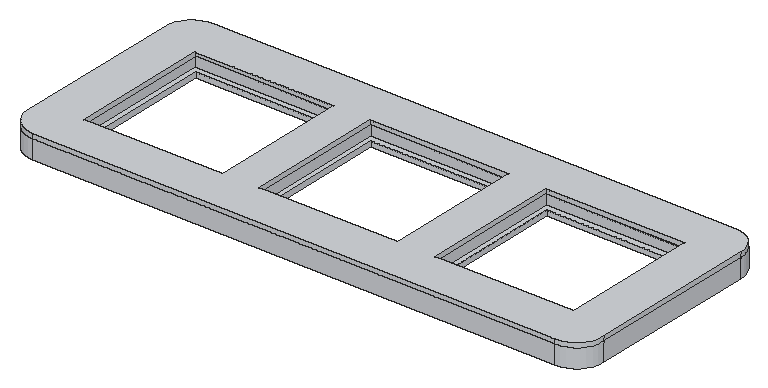
Revit family "Gira_0213410", category Electrical Fixtures, host Face, Revit 2017
Family settings
  Host = Face
  Maintain Annotation Orientation = No
  Round Connector Dimension = Use Diameter
  Part Type = Normal
  Cut with Voids When Loaded = No
  Shared = No
  Room Calculation Point = No
Parameters (values of type "Abdeckrahmen 3f Gira E3 Reinweiß/Reinweiß")
  Werkstoffgüte = "sonstige"
  Werkstoff = "sonstige"
  URL = "http://katalog.gira.de/de_DE/datenblatt.html?artikelnr=0213410"
  Transparent = "No"
  Textfeld/Beschriftungsfläche = "No"
  Schutzart (IP) = "IP20"
  Region = "DE"
  Oberfläche = "sonstige"
  Name = "Abdeckrahmen 3f Gira E3 Reinweiß/Reinweiß"
  Montagerichtung = "horizontal und vertikal"
  Mit Montagerahmen = "No"
  Mit Klappdeckel = "No"
  Manufacturer URL = "https://www.gira.de/"
  Keynote = "E3_Rahmen_3fach"
  HeinzeBIM = "https://bimportal.heinze.de/bim/abdeckrahmen-3f-gira-e3-reinweiss-reinweiss/2bd40665bf9e390255d6de3f3ba456e597a8e97d"
  Halogenfrei = "Yes"
  HAN = "0213410"
  Geeignet für Unterputz-Installation = "Yes"
  Geeignet für Unterflurkanaldose = "No"
  Geeignet für Geräteeinbaukanal = "No"
  Geeignet für Einbauinstallation = "No"
  GTIN = "4010337023739"
  Farbe = "weiß"
  Default Elevation = 1219.2 mm
  Data sheet (1) = "https://katalog.gira.de/de_DE/download.html?artikelnr=0213410"
  Category = "Abdeckrahmen"
  Befestigungsart = "Klemmbefestigung"
  Available = "Yes"
  Anzahl der Einheiten vertikal = "3 "
  Anzahl der Einheiten horizontal = "3 "
  Anzahl der Einheiten = "3 "
Reference planes
  plane 1 "Center (Front/Back)": y = 0
  plane 2: z = 0
  plane 3 "Center (Left/Right)": x = 0
Forms (mm)
  Extrusion 1, solid, detail levels fine
    sketch origin (0, 0, 0) x (1, 0, 0) y (0, 1, 0)
      loop
        arc (-106.1, 45.809) -> (-113.884, 42.585) -> (-117.109, 34.8) r 11.009
        line (-117.109, 34.8) -> (-117.109, -34.8)
        arc (-117.109, -34.8) -> (-113.884, -42.585) -> (-106.1, -45.809) r 11.009
        line (-106.1, -45.809) -> (106.1, -45.809)
        arc (106.1, -45.809) -> (113.884, -42.585) -> (117.109, -34.8) r 11.009
        line (117.109, -34.8) -> (117.109, 34.8)
        arc (117.109, 34.8) -> (113.884, 42.585) -> (106.1, 45.809) r 11.009
        line (106.1, 45.809) -> (-106.1, 45.809)
      loop
        line (-43.2, 28.187) -> (-99.456, 28.187) -> (-99.456, -28.187) -> (-43.2, -28.187) -> (-43.2, 28.187)
      loop
        line (-28.3, 28.187) -> (-28.3, -28.187) -> (27.956, -28.187) -> (27.956, 28.187) -> (-28.3, 28.187)
      loop
        line (43.2, 28.187) -> (43.2, -28.187) -> (99.456, -28.187) -> (99.456, 28.187) -> (43.2, 28.187)
    from 7.65 to 9.5
  Extrusion 2, solid, detail levels fine
    sketch origin (-71.5, 0, 0) x (1, 0, 0) y (0, 1, 0)
      loop
        line (26.1, 25.7) -> (-25.7, 25.7) -> (-25.7, -25.7) -> (26.1, -25.7) -> (26.1, 25.7)
      loop
        line (-28.187, -28.156) -> (28.187, -28.156) -> (28.187, 28.156) -> (-28.187, 28.156) -> (-28.187, -28.156)
    from 1.65 to 3.9
  Extrusion 3, solid, detail levels fine
    sketch origin (0, 0, 0) x (1, 0, 0) y (0, 1, 0)
      loop
        arc (-106.1, 45.809) -> (-113.884, 42.585) -> (-117.109, 34.8) r 11.009
        line (-117.109, 34.8) -> (-117.109, -34.8)
        arc (-117.109, -34.8) -> (-113.884, -42.585) -> (-106.1, -45.809) r 11.009
        line (-106.1, -45.809) -> (106.1, -45.809)
        arc (106.1, -45.809) -> (113.884, -42.585) -> (117.109, -34.8) r 11.009
        line (117.109, -34.8) -> (117.109, 34.8)
        arc (117.109, 34.8) -> (113.884, 42.585) -> (106.1, 45.809) r 11.009
        line (106.1, 45.809) -> (-106.1, 45.809)
      loop
        line (-115.143, 34.785) -> (-115.143, -34.785)
        arc (-115.143, -34.785) -> (-112.49, -41.19) -> (-106.084, -43.843) r 9.058
        line (-106.084, -43.843) -> (106.084, -43.843)
        arc (106.084, -43.843) -> (112.49, -41.19) -> (115.143, -34.785) r 9.058
        line (115.143, -34.785) -> (115.143, 34.785)
        arc (115.143, 34.785) -> (112.49, 41.19) -> (106.084, 43.843) r 9.058
        line (106.084, 43.843) -> (-106.084, 43.843)
        arc (-106.084, 43.843) -> (-112.49, 41.19) -> (-115.143, 34.785) r 9.058
    from 0 to 7.65
  Extrusion 4, solid, detail levels fine
    sketch origin (-35.75, 0, 0) x (1, 0, 0) y (0, 1, 0)
      loop
        line (-62.956, -31.075) -> (62.956, -31.075)
        arc (62.956, -31.075) -> (65.599, -29.98) -> (66.694, -27.337) r 3.739
        line (66.694, -27.337) -> (66.694, 27.337)
        arc (66.694, 27.337) -> (65.599, 29.98) -> (62.956, 31.075) r 3.739
        line (62.956, 31.075) -> (-62.956, 31.075)
        arc (-62.956, 31.075) -> (-65.599, 29.98) -> (-66.694, 27.337) r 3.739
        line (-66.694, 27.337) -> (-66.694, -27.337)
        arc (-66.694, -27.337) -> (-65.599, -29.98) -> (-62.956, -31.075) r 3.739
      loop
        line (-65.544, 27.537) -> (-65.544, -27.537)
        arc (-65.544, -27.537) -> (-64.845, -29.226) -> (-63.156, -29.925) r 2.389
        line (-63.156, -29.925) -> (63.156, -29.925)
        arc (63.156, -29.925) -> (64.845, -29.226) -> (65.544, -27.537) r 2.389
        line (65.544, -27.537) -> (65.544, 27.537)
        arc (65.544, 27.537) -> (64.845, 29.226) -> (63.156, 29.925) r 2.389
        line (63.156, 29.925) -> (-63.156, 29.925)
        arc (-63.156, 29.925) -> (-64.845, 29.226) -> (-65.544, 27.537) r 2.389
    from 1.65 to 7.65
  Extrusion 5, solid, detail levels fine
    sketch origin (0, 0, 0) x (1, 0, 0) y (0, 1, 0)
      loop
        line (-103.367, -39.8) -> (103.368, -39.8)
        arc (103.368, -39.8) -> (108.982, -36.708) -> (111.215, -30.7) r 9.2
        line (111.215, -30.7) -> (111.215, 30.7)
        arc (111.215, 30.7) -> (108.52, 37.205) -> (102.015, 39.9) r 9.2
        line (102.015, 39.9) -> (-102.014, 39.9)
        arc (-102.014, 39.9) -> (-108.52, 37.205) -> (-111.214, 30.7) r 9.2
        line (-111.214, 30.7) -> (-111.214, -30.7)
        arc (-111.214, -30.7) -> (-108.982, -36.708) -> (-103.367, -39.8) r 9.2
      loop
        line (-102.014, -31.7) -> (102.015, -31.7)
        arc (102.015, -31.7) -> (102.722, -31.407) -> (103.015, -30.7) r 1
        line (103.015, -30.7) -> (103.015, 30.7)
        arc (103.015, 30.7) -> (102.722, 31.407) -> (102.015, 31.7) r 1
        line (102.015, 31.7) -> (-102.014, 31.7)
        arc (-102.014, 31.7) -> (-102.721, 31.407) -> (-103.014, 30.7) r 1
        line (-103.014, 30.7) -> (-103.014, -30.7)
        arc (-103.014, -30.7) -> (-102.721, -31.407) -> (-102.014, -31.7) r 1
    from 1.65 to 3.9
  Extrusion 6, solid, detail levels fine
    sketch origin (-71.5, 0, 0) x (1, 0, 0) y (0, 1, 0)
      loop
        line (-28.187, 28.156) -> (-28.187, -28.156) -> (28.187, -28.156) -> (28.187, 28.156) -> (-28.187, 28.156)
      loop
        line (-29.925, 29.925) -> (-29.925, -29.925) -> (29.925, -29.925) -> (29.925, 29.925) -> (-29.925, 29.925)
    from 1.65 to 7.65
  Extrusion 7, solid, detail levels coarse+medium
    sketch origin (0, 0, 0) x (1, 0, 0) y (0, 1, 0)
      loop
        line (-117.109, 45.809) -> (-117.109, -45.809) -> (117.109, -45.809) -> (117.109, 45.809) -> (-117.109, 45.809)
    from 0 to 9.5
  Extrusion 8, solid, detail levels fine
    sketch origin (0, 0, 0) x (-1, 0, 0) y (0, -1, 0)
      loop
        line (25.9, -25.7) -> (25.9, 25.7) -> (-25.9, 25.7) -> (-25.9, -25.7) -> (25.9, -25.7)
      loop
        line (-28.187, 28.156) -> (-28.187, -28.156) -> (28.187, -28.156) -> (28.187, 28.156) -> (-28.187, 28.156)
    from 1.65 to 3.9
  Extrusion 9, solid, detail levels fine
    sketch origin (0, 0, 0) x (-1, 0, 0) y (0, -1, 0)
      loop
        line (-28.187, -28.156) -> (28.187, -28.156) -> (28.187, 28.156) -> (-28.187, 28.156) -> (-28.187, -28.156)
      loop
        line (-29.925, -29.925) -> (29.925, -29.925) -> (29.925, 29.925) -> (-29.925, 29.925) -> (-29.925, -29.925)
    from 1.65 to 7.65
  Extrusion 10, solid, detail levels fine
    sketch origin (71.5, 0, 0) x (-1, 0, 0) y (0, -1, 0)
      loop
        line (26.1, -25.7) -> (26.1, 25.7) -> (-25.7, 25.7) -> (-25.7, -25.7) -> (26.1, -25.7)
      loop
        line (-28.187, 28.156) -> (-28.187, -28.156) -> (28.187, -28.156) -> (28.187, 28.156) -> (-28.187, 28.156)
    from 1.65 to 3.9
  Extrusion 11, solid, detail levels fine
    sketch origin (71.5, 0, 0) x (-1, 0, 0) y (0, -1, 0)
      loop
        line (-28.187, -28.156) -> (28.187, -28.156) -> (28.187, 28.156) -> (-28.187, 28.156) -> (-28.187, -28.156)
      loop
        line (-29.925, -29.925) -> (29.925, -29.925) -> (29.925, 29.925) -> (-29.925, 29.925) -> (-29.925, -29.925)
    from 1.65 to 7.65
Dimensions and locks
  aligned and locked: plane 2 to host face
  aligned and locked: level to host face
